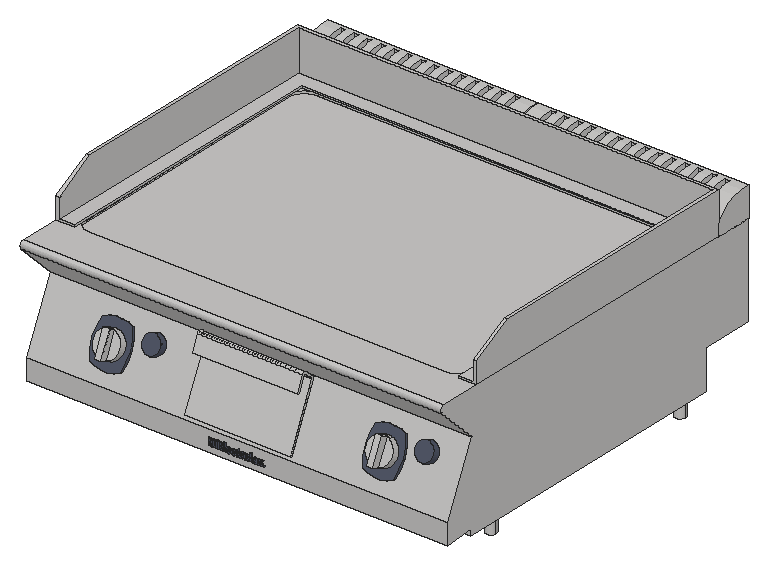
Revit family "QF_ELECTROLUXPROFESSIONAL_371038_E7FTGHCS00", category Specialty Equipment, Revit 2018
Family settings
  Round Connector Dimension = Use Diameter
  Part Type = Normal
  Work Plane-Based = No
  Always vertical = Yes
  Cut with Voids When Loaded = No
  Shared = No
  Room Calculation Point = No
Parameters
  Width = 800.1 mm  # constant formula
  Weight in Pounds = 154  # constant formula
  Watts = 0 W
  URL Cutsheet = "www.electrolux.com/foodservice"
  URL = "www.electrolux.com/foodservice"
  Type Mark [instance] = ""
  Status [instance] = ""
  Specification by User [instance] = ""
  Specification by Manufacturer = ""
  Show Logo [instance] = yes
  Show Clearance [instance] = yes
  Serial Number = ""
  Seismic Rating = ""
  SMACNA No = ""
  Revision Code [instance] = ""
  Omniclass Number and Title = ""
  NAFEM Spec ID Number = ""
  Model = "371038"
  Mechanical Remarks = ""
  Mechanical Connection Type = ""
  Masterspec = ""
  Manufacturer = "ELECTROLUX"
  Item Number [instance] = ""
  Installed By [instance] = ""
  Identify Quantity as Lot [instance] = yes
  Height = 355 mm  # constant formula
  HP = "0 HP"
  Gas Size = 12.7 mm  # 1/2"
  Gas RI Height [instance] = 0 mm
  Gas KW = 14  # constant formula
  Gas Input [instance] = 13987.1 VA  # 47726.0 Btu/h
  Gas Connection Height = 0 mm
  Furnished By [instance] = ""
  Foodservice Equipment Identifier [instance] = yes
  Direct Waste Size = 0"
  Description = "700XP Full Module Gas Fry Top, Smotth Plate, Chromium Plated"
  Depth = 730.25 mm  # constant formula
  CSI MasterFormat = ""
  CSI Master Format = ""
  Base Height [instance] = 23.813 mm  # constant formula
  Assembly Code = ""
Reference planes
  plane 1 "BACK": y = 0
  plane 2: z = 0
  plane 3 "LEFT": x = 0
  plane 4 "RIGHT": x = 800.1
  plane 5 "FRONT": y = -730.25
  plane 6 "TOP": z = 288.925
  plane 7 "Center Y": x = 400.05
  plane 8 "Center X": y = -365.125
  plane 9 "BASE": z = 23.813
  plane 10 "TOP A": z = 274.638
  plane 11: y = -597.884
  plane 12: y = -147.637
  plane 13: z = 355
Forms (mm)
  Extrusion 1, solid, material "QF_Finishes_Stainless Steel"
    sketch origin (0, 0, 0) x (0, 1, 0) y (0, 0, 1)
      loop
        line (0, 274.638) -> (-722.901, 274.638)
        arc (-722.901, 274.638) -> (-729.677, 270.11) -> (-728.087, 262.117) r 7.334
        line (-728.087, 262.117) -> (-657.416, 191.447) -> (-713.772, 69.003) -> (-713.772, 30.903) -> (-660.4, 36.513) -> (-660.4, 23.812) -> (-101.6, 23.812) -> (-101.6, 98.425) -> (0, 98.425) -> (0, 274.638)
    from 0 to 800.1
  Extrusion 2, void
    sketch origin (0, -2.381, 274.638) x (-1, 0, 0) y (0, -1, 0)
      loop
        arc (-60.425, 102.504) -> (-42.464, 109.943) -> (-35.025, 127.904) r 25.4
        line (-35.025, 127.904) -> (-35.025, 617.104)
        arc (-35.025, 617.104) -> (-42.464, 635.064) -> (-60.425, 642.504) r 25.4
        line (-60.425, 642.504) -> (-739.675, 642.504)
        arc (-739.675, 642.504) -> (-757.636, 635.064) -> (-765.075, 617.104) r 25.4
        line (-765.075, 617.104) -> (-765.075, 127.904)
        arc (-765.075, 127.904) -> (-757.636, 109.943) -> (-739.675, 102.504) r 25.4
        line (-739.675, 102.504) -> (-60.425, 102.504)
    from 0 to -3.2
  Extrusion 3, solid, material "QF_Finishes_Stainless Steel"
    sketch origin (0, 0, 0) x (1, 0, 0) y (0, 1, 0)
      loop
        circle (11.112, -147.638) r 9.525
      loop
        circle (11.112, -597.884) r 9.525
      loop
        circle (788.987, -147.638) r 9.525
      loop
        circle (788.987, -597.884) r 9.525
    from 0 to 23.813
  Extrusion 4, solid, material "QF_Finishes_Stainless Steel"
    sketch origin (0, -101.6, 101.6) x (0, 0, -1) y (-1, 0, 0)
      loop
        circle (43.882, -749.3) r 6.35
    from 0 to 3.175
  Extrusion 5, solid, material "QF_Finishes_Clearance", visible <- "Show Clearance", detail levels coarse
    sketch origin (0, 0, 0) x (1, 0, 0) y (0, 1, 0)
      loop
        line (0, -730.25) -> (0, 0) -> (800.1, 0) -> (800.1, -730.25) -> (950.119, -730.25) -> (950.119, 150.019) -> (-150.019, 150.019) -> (-150.019, -730.25) -> (0, -730.25)
    from 0 to 355
  Sweep 6, solid, material "QF_Finishes_Stainless Steel"
    path origin (0, -2.381, 274.638) x (-1, 0, 0) y (0, -1, 0)
      loop
        line (-765.075, 642.504) -> (-765.075, 102.504) -> (-35.025, 102.504) -> (-35.025, 642.504)
    profile origin (35.025, -374.885, 274.638) x (1, 0, 0) y (0, 0, 1)
      loop
        line (-35.025, 0) -> (0, 0) -> (0, 3.175) -> (-28.675, 3.175) -> (-28.675, 80.363) -> (-35.025, 80.362) -> (-35.025, 0)
  Extrusion 7, void
    sketch origin (0, -69.86, 274.638) x (0, 1, 0) y (0, 0, 1)
      loop
        line (-575.025, 40.481) -> (-501.995, 80.363) -> (-575.025, 80.363) -> (-575.025, 40.481)
    from 0 to 6.35
  Extrusion 8, void
    sketch origin (800.1, -644.885, 274.638) x (0, -1, 0) y (0, 0, 1)
      loop
        line (0, 40.481) -> (0, 80.362) -> (-73.03, 80.362) -> (0, 40.481)
    from 0 to 6.35
  Extrusion 9, solid, material "QF_Finishes_Stainless Steel"
    sketch origin (400.05, 175.397, 1219.2) x (0, 1, 0) y (0, 0, 1)
      loop
        line (-834.228, -1030.828) -> (-850.635, -1014.422)
        arc (-850.635, -1014.422) -> (-855.102, -1013.019) -> (-858.806, -1015.884) r 5.058
        line (-858.806, -1015.884) -> (-871.468, -1043.394) -> (-868.584, -1044.721) -> (-855.922, -1017.211)
        arc (-855.922, -1017.211) -> (-854.543, -1016.145) -> (-852.88, -1016.667) r 1.883
        line (-852.88, -1016.667) -> (-838.037, -1031.51) -> (-888.871, -1141.955) -> (-885.987, -1143.282) -> (-834.228, -1030.828)
    from 100 to -100
  Extrusion 10, solid, material "QF_Finishes_Drawer Clearance", visible <- "Show Clearance", detail levels coarse
    sketch origin (293.7, -101.6, 0) x (0, 1, 0) y (0, 0, 1)
      loop
        line (-660.751, 174.479) -> (-648.089, 201.989)
        arc (-648.089, 201.989) -> (-646.71, 203.055) -> (-645.046, 202.533) r 1.883
        line (-645.046, 202.533) -> (-630.204, 187.69) -> (-681.037, 77.245) -> (-678.153, 75.918) -> (-608.989, 75.918) -> (-557.231, 188.372) -> (-573.638, 204.778)
        arc (-573.638, 204.778) -> (-574.873, 205.685) -> (-576.323, 206.181) r 5.058
        line (-576.323, 206.181) -> (-647.269, 206.181)
        arc (-647.269, 206.181) -> (-649.472, 205.203) -> (-650.973, 203.316) r 5.058
        line (-650.973, 203.316) -> (-663.635, 175.806) -> (-660.751, 174.479)
    from 6.35 to 206.35
  Extrusion 11, solid, material "QF_Finishes_Navy Blue"
    sketch origin (-399.27, -713.772, 69.003) x (0, 0.418102, 0.9084) y (-1, 0, 0)
      loop
        arc (102.623, -510.47) -> (67.041, -502.846) -> (31.333, -509.853) r 90.5
        arc (31.333, -509.853) -> (24.507, -539.04) -> (31.333, -568.228) r 65.817
        arc (31.333, -568.228) -> (67.04, -575.188) -> (102.623, -567.615) r 91.066
        arc (102.623, -567.615) -> (109.179, -539.043) -> (102.623, -510.47) r 65.546
    from 0 to 3.175
  Extrusion 12, solid, material "QF_Finishes_Stainless Steel"
    sketch origin (-20.52, -717.485, 68.529) x (0, 0.418102, 0.9084) y (-1, 0, 0)
      loop
        circle (68.826, -160.963) r 25.4
    from 0 to 12.7
  Extrusion 13, solid, material "QF_Finishes_Stainless Steel"
    sketch origin (-20.52, -729.022, 73.839) x (0, 0.418102, 0.9084) y (-1, 0, 0)
      loop
        arc (93.558, -166.749) -> (94.226, -160.963) -> (93.558, -155.177) r 25.4
        line (93.558, -155.177) -> (44.094, -155.177)
        arc (44.094, -155.177) -> (43.426, -160.963) -> (44.094, -166.749) r 25.4
        line (44.094, -166.749) -> (93.558, -166.749)
    from 0 to 12.7
  Extrusion 14, solid, material "QF_Finishes_Navy Blue"
    sketch origin (97.744, -713.772, 69.003) x (0, 0.418102, 0.9084) y (-1, 0, 0)
      loop
        arc (102.623, -532.67) -> (67.041, -525.046) -> (31.333, -532.053) r 90.5
        arc (31.333, -532.053) -> (24.507, -561.24) -> (31.333, -590.428) r 65.817
        arc (31.333, -590.428) -> (67.04, -597.388) -> (102.623, -589.815) r 91.066
        arc (102.623, -589.815) -> (109.179, -561.243) -> (102.623, -532.67) r 65.546
    from 0 to 3.175
  Extrusion 15, solid, material "QF_Finishes_Stainless Steel"
    sketch origin (497.744, -717.485, 68.529) x (0, 0.418102, 0.9084) y (-1, 0, 0)
      loop
        circle (68.826, -160.963) r 25.4
    from 0 to 12.7
  Extrusion 16, solid, material "QF_Finishes_Stainless Steel"
    sketch origin (497.744, -729.022, 73.839) x (0, 0.418102, 0.9084) y (-1, 0, 0)
      loop
        arc (93.558, -166.749) -> (94.226, -160.963) -> (93.558, -155.177) r 25.4
        line (93.558, -155.177) -> (44.094, -155.177)
        arc (44.094, -155.177) -> (43.426, -160.963) -> (44.094, -166.749) r 25.4
        line (44.094, -166.749) -> (93.558, -166.749)
    from 0 to 12.7
  Extrusion 17, solid, material "QF_Finishes_Navy Blue"
    sketch origin (-100, -703.319, 91.713) x (0, 0.418102, 0.9084) y (-1, 0, 0)
      loop
        circle (65.471, -315.169) r 17.78
    from 0 to 12.7
  Extrusion 18, solid, material "QF_Finishes_Navy Blue"
    sketch origin (397.014, -703.319, 91.713) x (0, 0.418102, 0.9084) y (-1, 0, 0)
      loop
        circle (65.471, -337.369) r 17.78
    from 0 to 12.7
  Extrusion 19, solid, material "QF_Finishes_Navy Blue", visible <- "Show Logo"
    sketch origin (58.349, -713.772, 35.665) x (0, 0, 1) y (-1, 0, 0)
      loop
        line (20.674, -296.698) -> (8.307, -296.698)
        arc (8.307, -296.698) -> (14.491, -301.27) -> (20.674, -296.698) r 6.467
      loop
        arc (20.674, -296.069) -> (19.505, -290.926) -> (14.849, -288.448) r 6.338
        line (14.849, -288.448) -> (14.849, -290.494)
        arc (14.849, -290.494) -> (16.333, -294.149) -> (19.778, -296.069) r 5.941
        line (19.778, -296.069) -> (20.674, -296.069)
      loop
        arc (9.203, -296.069) -> (12.648, -294.149) -> (14.132, -290.494) r 5.941
        line (14.132, -290.494) -> (14.132, -288.448)
        arc (14.132, -288.448) -> (9.438, -290.922) -> (8.148, -296.069) r 6.504
        line (8.148, -296.069) -> (9.203, -296.069)
      loop
        line (21.349, -287.979) -> (7.604, -287.979) -> (7.604, -301.742) -> (21.349, -301.742) -> (21.349, -287.979)
      loop
        arc (21.432, -304.71) -> (21.085, -304.352) -> (20.718, -304.69) r 0.358
        arc (20.718, -304.69) -> (20.404, -305.44) -> (19.687, -305.825) r 1.216
        line (19.687, -305.825) -> (9.274, -305.825)
        arc (9.274, -305.825) -> (8.614, -305.548) -> (8.218, -304.951) r 1.238
        arc (8.218, -304.951) -> (7.823, -304.7) -> (7.518, -305.054) r 0.358
        line (7.518, -305.054) -> (7.518, -314.933) -> (10.269, -314.933) -> (10.269, -314.036)
        arc (10.269, -314.036) -> (9.36, -313.456) -> (8.904, -312.479) r 1.928
        line (8.904, -312.479) -> (8.904, -309.98)
        arc (8.904, -309.98) -> (9.18, -309.251) -> (9.868, -308.887) r 1.101
        line (9.868, -308.887) -> (13.955, -308.887) -> (13.955, -312.561)
        arc (13.955, -312.561) -> (13.602, -313.058) -> (13.037, -313.286) r 1.083
        arc (13.037, -313.286) -> (12.773, -313.591) -> (13.065, -313.869) r 0.292
        line (13.065, -313.869) -> (16.028, -313.869)
        arc (16.028, -313.869) -> (16.33, -313.596) -> (16.092, -313.266) r 0.305
        arc (16.092, -313.266) -> (15.601, -313.018) -> (15.296, -312.561) r 1.083
        line (15.296, -312.561) -> (15.296, -308.887) -> (19.973, -308.887) -> (19.973, -312.635)
        arc (19.973, -312.635) -> (19.759, -313.39) -> (19.153, -313.888) r 1.314
        arc (19.153, -313.888) -> (18.934, -314.292) -> (19.288, -314.585) r 0.361
        line (19.288, -314.585) -> (21.432, -314.585) -> (21.432, -304.71)
      loop
        arc (20.715, -315.365) -> (20.335, -316.284) -> (19.416, -316.664) r 1.299
        line (19.416, -316.664) -> (9.837, -316.664)
        arc (9.837, -316.664) -> (8.999, -316.286) -> (8.728, -315.408) r 1.118
        line (8.728, -315.408) -> (7.518, -315.408) -> (7.518, -320.758) -> (8.706, -320.758)
        arc (8.706, -320.758) -> (8.978, -319.841) -> (9.848, -319.445) r 1.153
        line (9.848, -319.445) -> (21.92, -319.445) -> (20.715, -315.365)
      loop
        line (12.483, -323.394) -> (12.483, -329.842) -> (13.282, -329.842)
        arc (13.282, -329.842) -> (15.862, -328.857) -> (17.131, -326.404) r 3.874
        line (17.131, -326.404) -> (17.131, -324.643)
        arc (17.131, -324.643) -> (15.944, -321.778) -> (13.08, -320.592) r 4.051
        line (13.08, -320.592) -> (11.072, -320.592)
        arc (11.072, -320.592) -> (8.253, -322.077) -> (7.202, -325.084) r 4.352
        arc (7.202, -325.084) -> (7.566, -327.547) -> (8.943, -329.621) r 5.713
        line (8.943, -329.621) -> (9.892, -329.621)
        arc (9.892, -329.621) -> (9.16, -328.052) -> (8.943, -326.334) r 5.579
        arc (8.943, -326.334) -> (9.737, -324.371) -> (11.616, -323.394) r 3.057
        line (11.616, -323.394) -> (12.483, -323.394)
      loop
        line (13.742, -323.394) -> (13.742, -326.977)
        arc (13.742, -326.977) -> (15.199, -327.024) -> (16.082, -325.864) r 1.59
        line (16.082, -325.864) -> (16.082, -325.034)
        arc (16.082, -325.034) -> (15.217, -323.779) -> (13.742, -323.394) r 2.184
      loop
        arc (16.533, -339.259) -> (17.022, -337.585) -> (17.179, -335.848) r 9.023
        line (17.179, -335.848) -> (17.179, -334.486)
        arc (17.179, -334.486) -> (16.02, -331.686) -> (13.22, -330.527) r 3.959
        line (13.22, -330.527) -> (10.62, -330.527)
        arc (10.62, -330.527) -> (8.338, -331.819) -> (7.221, -334.192) r 4.331
        line (7.221, -334.192) -> (7.221, -336.327)
        arc (7.221, -336.327) -> (7.729, -337.877) -> (8.651, -339.223) r 5.772
        arc (8.651, -339.223) -> (9.412, -339.274) -> (9.499, -338.515) r 0.553
        arc (9.499, -338.515) -> (9.111, -337.781) -> (8.977, -336.962) r 2.573
        line (8.977, -336.962) -> (8.977, -335.447)
        arc (8.977, -335.447) -> (9.983, -333.806) -> (11.798, -333.163) r 2.884
        line (11.798, -333.163) -> (13.077, -333.163)
        arc (13.077, -333.163) -> (14.898, -333.723) -> (15.824, -335.388) r 2.554
        line (15.824, -335.388) -> (15.824, -336.441)
        arc (15.824, -336.441) -> (15.493, -337.369) -> (14.836, -338.104) r 2.564
        arc (14.836, -338.104) -> (14.614, -338.821) -> (15.223, -339.259) r 0.643
        line (15.223, -339.259) -> (16.533, -339.259)
      loop
        line (15.515, -339.53) -> (15.515, -341.031) -> (9.467, -341.031)
        arc (9.467, -341.031) -> (7.879, -341.688) -> (7.221, -343.276) r 2.246
        line (7.221, -343.276) -> (7.221, -344.86)
        arc (7.221, -344.86) -> (7.535, -345.725) -> (8.035, -346.496) r 4.06
        arc (8.035, -346.496) -> (8.768, -346.629) -> (9.019, -345.928) r 0.576
        arc (9.019, -345.928) -> (8.913, -345.403) -> (8.977, -344.87) r 1.69
        arc (8.977, -344.87) -> (9.519, -344.082) -> (10.425, -343.779) r 1.506
        line (10.425, -343.779) -> (15.563, -343.779) -> (15.563, -346.176) -> (16.119, -346.733) -> (16.941, -346.733) -> (16.941, -343.873) -> (20.172, -343.873) -> (15.515, -339.53)
      loop
        line (7.438, -347.63) -> (7.438, -353.017) -> (8.548, -353.017)
        arc (8.548, -353.017) -> (8.942, -352.066) -> (9.893, -351.672) r 1.345
        line (9.893, -351.672) -> (13.509, -351.672)
        arc (13.509, -351.672) -> (14.274, -352.264) -> (14.564, -353.186) r 1.615
        line (14.564, -353.186) -> (14.564, -354.742) -> (17.119, -355.427) -> (17.119, -354.044) -> (15.177, -351.485) -> (17.057, -351.485) -> (16.773, -348.779)
        arc (16.773, -348.779) -> (16.333, -348.249) -> (15.674, -348.45) r 0.621
        arc (15.674, -348.45) -> (15.274, -348.792) -> (14.78, -348.975) r 1.501
        line (14.78, -348.975) -> (9.893, -348.975)
        arc (9.893, -348.975) -> (8.942, -348.581) -> (8.548, -347.63) r 1.345
        line (8.548, -347.63) -> (7.438, -347.63)
      loop
        line (13.54, -354.964) -> (10.848, -354.964)
        arc (10.848, -354.964) -> (8.403, -356.272) -> (7.269, -358.803) r 4.288
        arc (7.269, -358.803) -> (7.205, -360.183) -> (7.269, -361.563) r 15.022
        arc (7.269, -361.563) -> (8.403, -364.094) -> (10.848, -365.401) r 4.288
        line (10.848, -365.401) -> (13.54, -365.401)
        arc (13.54, -365.401) -> (15.986, -364.094) -> (17.119, -361.563) r 4.288
        arc (17.119, -361.563) -> (17.183, -360.183) -> (17.119, -358.803) r 15.022
        arc (17.119, -358.803) -> (15.986, -356.272) -> (13.54, -354.964) r 4.288
      loop
        line (13.745, -358.078) -> (10.643, -358.078)
        arc (10.643, -358.078) -> (8.486, -360.235) -> (10.643, -362.392) r 2.157
        line (10.643, -362.392) -> (13.745, -362.392)
        arc (13.745, -362.392) -> (15.902, -360.235) -> (13.745, -358.078) r 2.157
      loop
        arc (20.726, -365.26) -> (20.355, -366.154) -> (19.461, -366.524) r 1.264
        line (19.461, -366.524) -> (9.597, -366.524)
        arc (9.597, -366.524) -> (8.727, -366.127) -> (8.455, -365.211) r 1.153
        line (8.455, -365.211) -> (7.518, -365.211) -> (7.518, -370.319) -> (8.446, -370.319)
        arc (8.446, -370.319) -> (8.805, -369.547) -> (9.597, -369.232) r 1.153
        line (9.597, -369.232) -> (21.92, -369.232) -> (20.726, -365.26)
      loop
        arc (15.846, -369.857) -> (15.647, -370.921) -> (14.678, -371.403) r 1.215
        line (14.678, -371.403) -> (9.658, -371.403)
        arc (9.658, -371.403) -> (8.043, -372.051) -> (7.322, -373.634) r 2.338
        line (7.322, -373.634) -> (7.322, -375.148)
        arc (7.322, -375.148) -> (7.497, -376.152) -> (7.999, -377.038) r 2.979
        line (7.999, -377.038) -> (7.518, -378.835) -> (7.518, -380.524) -> (16.943, -380.524) -> (16.649, -376.32) -> (15.863, -376.32)
        arc (15.863, -376.32) -> (15.507, -377.156) -> (14.755, -377.665) r 1.605
        line (14.755, -377.665) -> (9.652, -377.665)
        arc (9.652, -377.665) -> (9.232, -376.728) -> (9.159, -375.704) r 2.94
        arc (9.159, -375.704) -> (9.72, -374.603) -> (10.873, -374.16) r 1.724
        line (10.873, -374.16) -> (17.07, -374.16) -> (15.846, -369.857)
      loop
        line (16.874, -381.377) -> (15.202, -383.423) -> (12.028, -385.729) -> (8.572, -382.617)
        arc (8.572, -382.617) -> (8.335, -382.223) -> (8.357, -381.764) r 0.789
        line (8.357, -381.764) -> (7.518, -381.764) -> (7.518, -385.309) -> (8.344, -385.309)
        arc (8.344, -385.309) -> (8.686, -384.947) -> (9.176, -385.039) r 0.52
        line (9.176, -385.039) -> (10.976, -386.51) -> (8.858, -387.886)
        arc (8.858, -387.886) -> (8.457, -387.576) -> (8.37, -387.076) r 0.7
        line (8.37, -387.076) -> (7.518, -387.076) -> (7.518, -393.003) -> (8.405, -393.003)
        arc (8.405, -393.003) -> (8.472, -392.344) -> (8.866, -391.813) r 1.247
        line (8.866, -391.813) -> (13.066, -388.532) -> (15.513, -390.585) -> (16.874, -392.327) -> (16.874, -388.604) -> (15.389, -389.026) -> (13.868, -387.749) -> (15.568, -386.559) -> (16.874, -387.336) -> (16.874, -381.377)
    from 0 to 1.644
  Extrusion 20, solid, material "QF_Finishes_Stainless Steel"
    sketch origin (0, 0, 0) x (0, 1, 0) y (0, 0, 1)
      loop
        line (0, 274.638) -> (0, 331.738)
        arc (0, 331.738) -> (-38.857, 324.552) -> (-69.85, 300.038) r 82.056
        line (-69.85, 300.038) -> (-69.85, 274.638) -> (0, 274.638)
    from 0 to 400.05
  Extrusion 21, void
    sketch origin (0, 0, 274.638) x (0, -1, 0) y (1, 0, 0)
      loop
        line (6.761, 29.703) -> (63.911, 29.703) -> (63.911, 38.999) -> (6.761, 38.999) -> (6.761, 29.703)
      loop
        line (63.911, 64.487) -> (6.761, 64.487) -> (6.761, 55.191) -> (63.911, 55.191) -> (63.911, 64.487)
      loop
        line (63.911, 89.975) -> (6.761, 89.975) -> (6.761, 80.68) -> (63.911, 80.68) -> (63.911, 89.975)
      loop
        line (63.911, 115.464) -> (6.761, 115.464) -> (6.761, 106.168) -> (63.911, 106.168) -> (63.911, 115.464)
      loop
        line (63.911, 140.952) -> (6.761, 140.952) -> (6.761, 131.656) -> (63.911, 131.656) -> (63.911, 140.952)
      loop
        line (63.911, 166.44) -> (6.761, 166.44) -> (6.761, 157.145) -> (63.911, 157.145) -> (63.911, 166.44)
      loop
        line (63.911, 191.929) -> (6.761, 191.929) -> (6.761, 182.633) -> (63.911, 182.633) -> (63.911, 191.929)
      loop
        line (63.911, 217.417) -> (6.761, 217.417) -> (6.761, 208.121) -> (63.911, 208.121) -> (63.911, 217.417)
      loop
        line (63.911, 242.905) -> (6.761, 242.905) -> (6.761, 233.61) -> (63.911, 233.61) -> (63.911, 242.905)
      loop
        line (63.911, 268.394) -> (6.761, 268.394) -> (6.761, 259.098) -> (63.911, 259.098) -> (63.911, 268.394)
      loop
        line (63.911, 293.882) -> (6.761, 293.882) -> (6.761, 284.586) -> (63.911, 284.586) -> (63.911, 293.882)
      loop
        line (63.911, 319.37) -> (6.761, 319.37) -> (6.761, 310.075) -> (63.911, 310.075) -> (63.911, 319.37)
      loop
        line (63.911, 344.859) -> (6.761, 344.859) -> (6.761, 335.563) -> (63.911, 335.563) -> (63.911, 344.859)
      loop
        line (63.911, 370.347) -> (6.761, 370.347) -> (6.761, 361.051) -> (63.911, 361.051) -> (63.911, 370.347)
    from 25.4 to 63.5
  Extrusion 22, solid, material "QF_Finishes_Stainless Steel"
    sketch origin (400.05, 0, 0) x (0, 1, 0) y (0, 0, 1)
      loop
        line (0, 274.638) -> (0, 331.738)
        arc (0, 331.738) -> (-38.857, 324.552) -> (-69.85, 300.038) r 82.056
        line (-69.85, 300.038) -> (-69.85, 274.638) -> (0, 274.638)
    from 0 to 400.05
  Extrusion 23, void
    sketch origin (400.05, 0, 274.638) x (0, -1, 0) y (1, 0, 0)
      loop
        line (6.761, 29.703) -> (63.911, 29.703) -> (63.911, 38.999) -> (6.761, 38.999) -> (6.761, 29.703)
      loop
        line (63.911, 64.487) -> (6.761, 64.487) -> (6.761, 55.191) -> (63.911, 55.191) -> (63.911, 64.487)
      loop
        line (63.911, 89.975) -> (6.761, 89.975) -> (6.761, 80.68) -> (63.911, 80.68) -> (63.911, 89.975)
      loop
        line (63.911, 115.464) -> (6.761, 115.464) -> (6.761, 106.168) -> (63.911, 106.168) -> (63.911, 115.464)
      loop
        line (63.911, 140.952) -> (6.761, 140.952) -> (6.761, 131.656) -> (63.911, 131.656) -> (63.911, 140.952)
      loop
        line (63.911, 166.44) -> (6.761, 166.44) -> (6.761, 157.145) -> (63.911, 157.145) -> (63.911, 166.44)
      loop
        line (63.911, 191.929) -> (6.761, 191.929) -> (6.761, 182.633) -> (63.911, 182.633) -> (63.911, 191.929)
      loop
        line (63.911, 217.417) -> (6.761, 217.417) -> (6.761, 208.121) -> (63.911, 208.121) -> (63.911, 217.417)
      loop
        line (63.911, 242.905) -> (6.761, 242.905) -> (6.761, 233.61) -> (63.911, 233.61) -> (63.911, 242.905)
      loop
        line (63.911, 268.394) -> (6.761, 268.394) -> (6.761, 259.098) -> (63.911, 259.098) -> (63.911, 268.394)
      loop
        line (63.911, 293.882) -> (6.761, 293.882) -> (6.761, 284.586) -> (63.911, 284.586) -> (63.911, 293.882)
      loop
        line (63.911, 319.37) -> (6.761, 319.37) -> (6.761, 310.075) -> (63.911, 310.075) -> (63.911, 319.37)
      loop
        line (63.911, 344.859) -> (6.761, 344.859) -> (6.761, 335.563) -> (63.911, 335.563) -> (63.911, 344.859)
      loop
        line (63.911, 370.347) -> (6.761, 370.347) -> (6.761, 361.051) -> (63.911, 361.051) -> (63.911, 370.347)
    from 25.4 to 63.5
Cuts and joins
  Extrusion 2 cuts Extrusion 1
  Extrusion 7, Extrusion 8 cuts Sweep 6
  Extrusion 21 cuts Extrusion 20
  Extrusion 23 cuts Extrusion 22
Lines and regions (mm)
  symbolic lines, style "QF-Clearances", visible <- "Show Clearance", detail levels coarse
    curve 1: line (-150.019, 150.019, 274.638) -> (-150.019, -730.25, 274.638)
    curve 2: line (950.119, 150.019, 274.638) -> (-150.019, 150.019, 274.638)
    curve 3: line (950.119, -730.25, 274.638) -> (950.119, 150.019, 274.638)
  symbolic lines
    curve 4: line (0, -730.25, 274.638) -> (0, 0, 274.638)
    curve 5: line (800.1, 0, 274.638) -> (800.1, -730.25, 274.638)
    curve 6: line (35.042, -104.885, 274.638) -> (35.042, -644.885, 274.638)
    curve 7: arc (35.042, -619.427, 274.638) -> (42.472, -637.366, 274.638) -> (60.411, -644.796, 274.638) r 25.37
    curve 8: line (0, -644.885, 274.638) -> (35.042, -644.885, 274.638)
    curve 9: arc (739.117, -644.796, 274.638) -> (757.472, -637.193, 274.638) -> (765.075, -618.839, 274.638) r 25.958
    curve 10: line (765.075, -644.885, 274.638) -> (765.075, -104.885, 274.638)
    curve 11: line (765.075, -104.885, 274.638) -> (35.042, -104.885, 274.638)
    curve 12: line (0, -69.85, 274.638) -> (800.1, -69.85, 274.638)
    curve 13: line (800.1, -730.25, 274.638) -> (0, -730.25, 274.638)
    curve 14: arc (64.136, -104.885, 274.638) -> (43.563, -113.406, 274.638) -> (35.042, -133.979, 274.638) r 29.094
    curve 15: arc (739.672, -104.885, 274.638) -> (757.635, -112.325, 274.638) -> (765.075, -130.288, 274.638) r 25.403
    curve 16: line (6.35, -76.21, 274.638) -> (6.35, -644.885, 274.638)
    curve 17: line (6.35, -76.21, 274.638) -> (793.75, -76.21, 274.638)
    curve 18: line (793.75, -76.21, 274.638) -> (793.75, -644.885, 274.638)
    curve 19: line (765.075, -644.885, 274.638) -> (800.1, -644.885, 274.638)
    curve 20: line (60.411, -644.796, 274.638) -> (739.117, -644.796, 274.638)
    curve 24: line (0, 0, 274.638) -> (800.1, 0, 274.638)
    curve 25: line (0, -69.85, 274.638) -> (800.1, -69.85, 274.638)
    curve 26: line (0, 0, 274.638) -> (800.1, 0, 274.638)
    curve 27: line (29.703, -6.761, 0) -> (38.999, -6.761, 0)
    curve 28: line (29.703, -63.911, 0) -> (29.703, -6.761, 0)
    curve 29: line (38.999, -63.911, 0) -> (29.703, -63.911, 0)
    curve 30: line (38.999, -6.761, 0) -> (38.999, -63.911, 0)
    curve 31: line (55.191, -6.761, 0) -> (64.487, -6.761, 0)
    curve 32: line (55.191, -63.911, 0) -> (55.191, -6.761, 0)
    curve 33: line (64.487, -63.911, 0) -> (55.191, -63.911, 0)
    curve 34: line (64.487, -6.761, 0) -> (64.487, -63.911, 0)
    curve 35: line (80.68, -6.761, 0) -> (89.975, -6.761, 0)
    curve 36: line (80.68, -63.911, 0) -> (80.68, -6.761, 0)
    curve 37: line (89.975, -63.911, 0) -> (80.68, -63.911, 0)
    curve 38: line (89.975, -6.761, 0) -> (89.975, -63.911, 0)
    curve 39: line (106.168, -6.761, 0) -> (115.464, -6.761, 0)
    curve 40: line (106.168, -63.911, 0) -> (106.168, -6.761, 0)
    curve 41: line (115.464, -63.911, 0) -> (106.168, -63.911, 0)
    curve 42: line (115.464, -6.761, 0) -> (115.464, -63.911, 0)
    curve 43: line (131.656, -6.761, 0) -> (140.952, -6.761, 0)
    curve 44: line (131.656, -63.911, 0) -> (131.656, -6.761, 0)
    curve 45: line (140.952, -63.911, 0) -> (131.656, -63.911, 0)
    curve 46: line (140.952, -6.761, 0) -> (140.952, -63.911, 0)
    curve 47: line (157.145, -6.761, 0) -> (166.44, -6.761, 0)
    curve 48: line (157.145, -63.911, 0) -> (157.145, -6.761, 0)
    curve 49: line (166.44, -63.911, 0) -> (157.145, -63.911, 0)
    curve 50: line (166.44, -6.761, 0) -> (166.44, -63.911, 0)
    curve 51: line (182.633, -6.761, 0) -> (191.929, -6.761, 0)
    curve 52: line (182.633, -63.911, 0) -> (182.633, -6.761, 0)
    curve 53: line (191.929, -63.911, 0) -> (182.633, -63.911, 0)
    curve 54: line (191.929, -6.761, 0) -> (191.929, -63.911, 0)
    curve 55: line (208.121, -6.761, 0) -> (217.417, -6.761, 0)
    curve 56: line (208.121, -63.911, 0) -> (208.121, -6.761, 0)
    curve 57: line (217.417, -63.911, 0) -> (208.121, -63.911, 0)
    curve 58: line (217.417, -6.761, 0) -> (217.417, -63.911, 0)
    curve 59: line (233.61, -6.761, 0) -> (242.905, -6.761, 0)
    curve 60: line (233.61, -63.911, 0) -> (233.61, -6.761, 0)
    curve 61: line (242.905, -63.911, 0) -> (233.61, -63.911, 0)
    curve 62: line (242.905, -6.761, 0) -> (242.905, -63.911, 0)
    curve 63: line (259.098, -6.761, 0) -> (268.394, -6.761, 0)
    curve 64: line (259.098, -63.911, 0) -> (259.098, -6.761, 0)
    curve 65: line (268.394, -63.911, 0) -> (259.098, -63.911, 0)
    curve 66: line (268.394, -6.761, 0) -> (268.394, -63.911, 0)
    curve 67: line (284.586, -6.761, 0) -> (293.882, -6.761, 0)
    curve 68: line (284.586, -63.911, 0) -> (284.586, -6.761, 0)
    curve 69: line (293.882, -63.911, 0) -> (284.586, -63.911, 0)
    curve 70: line (293.882, -6.761, 0) -> (293.882, -63.911, 0)
    curve 71: line (310.075, -6.761, 0) -> (319.37, -6.761, 0)
    curve 72: line (310.075, -63.911, 0) -> (310.075, -6.761, 0)
    curve 73: line (319.37, -63.911, 0) -> (310.075, -63.911, 0)
    curve 74: line (319.37, -6.761, 0) -> (319.37, -63.911, 0)
    curve 75: line (335.563, -6.761, 0) -> (344.859, -6.761, 0)
    curve 76: line (335.563, -63.911, 0) -> (335.563, -6.761, 0)
    curve 77: line (344.859, -63.911, 0) -> (335.563, -63.911, 0)
    curve 78: line (344.859, -6.761, 0) -> (344.859, -63.911, 0)
    curve 79: line (361.051, -6.761, 0) -> (370.347, -6.761, 0)
    curve 80: line (361.051, -63.911, 0) -> (361.051, -6.761, 0)
    curve 81: line (370.347, -63.911, 0) -> (361.051, -63.911, 0)
    curve 82: line (370.347, -6.761, 0) -> (370.347, -63.911, 0)
    curve 83: line (400.05, 0, 0) -> (400.05, -69.85, 0)
    curve 84: line (770.397, -6.761, 0) -> (761.101, -6.761, 0)
    curve 85: line (770.397, -63.911, 0) -> (770.397, -6.761, 0)
    curve 86: line (761.101, -63.911, 0) -> (770.397, -63.911, 0)
    curve 87: line (761.101, -6.761, 0) -> (761.101, -63.911, 0)
    curve 88: line (744.909, -6.761, 0) -> (735.613, -6.761, 0)
    curve 89: line (744.909, -63.911, 0) -> (744.909, -6.761, 0)
    curve 90: line (735.613, -63.911, 0) -> (744.909, -63.911, 0)
    curve 91: line (735.613, -6.761, 0) -> (735.613, -63.911, 0)
    curve 92: line (719.42, -6.761, 0) -> (710.125, -6.761, 0)
    curve 93: line (719.42, -63.911, 0) -> (719.42, -6.761, 0)
    curve 94: line (710.125, -63.911, 0) -> (719.42, -63.911, 0)
    curve 95: line (710.125, -6.761, 0) -> (710.125, -63.911, 0)
    curve 96: line (693.932, -6.761, 0) -> (684.636, -6.761, 0)
    curve 97: line (693.932, -63.911, 0) -> (693.932, -6.761, 0)
    curve 98: line (684.636, -63.911, 0) -> (693.932, -63.911, 0)
    curve 99: line (684.636, -6.761, 0) -> (684.636, -63.911, 0)
    curve 100: line (668.444, -6.761, 0) -> (659.148, -6.761, 0)
    curve 101: line (668.444, -63.911, 0) -> (668.444, -6.761, 0)
    curve 102: line (659.148, -63.911, 0) -> (668.444, -63.911, 0)
    curve 103: line (659.148, -6.761, 0) -> (659.148, -63.911, 0)
    curve 104: line (642.955, -6.761, 0) -> (633.66, -6.761, 0)
    curve 105: line (642.955, -63.911, 0) -> (642.955, -6.761, 0)
    curve 106: line (633.66, -63.911, 0) -> (642.955, -63.911, 0)
    curve 107: line (633.66, -6.761, 0) -> (633.66, -63.911, 0)
    curve 108: line (617.467, -6.761, 0) -> (608.171, -6.761, 0)
    curve 109: line (617.467, -63.911, 0) -> (617.467, -6.761, 0)
    curve 110: line (608.171, -63.911, 0) -> (617.467, -63.911, 0)
    curve 111: line (608.171, -6.761, 0) -> (608.171, -63.911, 0)
    curve 112: line (591.979, -6.761, 0) -> (582.683, -6.761, 0)
    curve 113: line (591.979, -63.911, 0) -> (591.979, -6.761, 0)
    curve 114: line (582.683, -63.911, 0) -> (591.979, -63.911, 0)
    curve 115: line (582.683, -6.761, 0) -> (582.683, -63.911, 0)
    curve 116: line (566.49, -6.761, 0) -> (557.195, -6.761, 0)
    curve 117: line (566.49, -63.911, 0) -> (566.49, -6.761, 0)
    curve 118: line (557.195, -63.911, 0) -> (566.49, -63.911, 0)
    curve 119: line (557.195, -6.761, 0) -> (557.195, -63.911, 0)
    curve 120: line (541.002, -6.761, 0) -> (531.706, -6.761, 0)
    curve 121: line (541.002, -63.911, 0) -> (541.002, -6.761, 0)
    curve 122: line (531.706, -63.911, 0) -> (541.002, -63.911, 0)
    curve 123: line (531.706, -6.761, 0) -> (531.706, -63.911, 0)
    curve 124: line (515.514, -6.761, 0) -> (506.218, -6.761, 0)
    curve 125: line (515.514, -63.911, 0) -> (515.514, -6.761, 0)
    curve 126: line (506.218, -63.911, 0) -> (515.514, -63.911, 0)
    curve 127: line (506.218, -6.761, 0) -> (506.218, -63.911, 0)
    curve 128: line (490.025, -6.761, 0) -> (480.73, -6.761, 0)
    curve 129: line (490.025, -63.911, 0) -> (490.025, -6.761, 0)
    curve 130: line (480.73, -63.911, 0) -> (490.025, -63.911, 0)
    curve 131: line (480.73, -6.761, 0) -> (480.73, -63.911, 0)
    curve 132: line (464.537, -6.761, 0) -> (455.241, -6.761, 0)
    curve 133: line (464.537, -63.911, 0) -> (464.537, -6.761, 0)
    curve 134: line (455.241, -63.911, 0) -> (464.537, -63.911, 0)
    curve 135: line (455.241, -6.761, 0) -> (455.241, -63.911, 0)
    curve 136: line (439.049, -6.761, 0) -> (429.753, -6.761, 0)
    curve 137: line (439.049, -63.911, 0) -> (439.049, -6.761, 0)
    curve 138: line (429.753, -63.911, 0) -> (439.049, -63.911, 0)
    curve 139: line (429.753, -6.761, 0) -> (429.753, -63.911, 0)
  symbolic lines, style "QF_Drawer Clearance"
    curve 21: line (300.05, -782.637, 0) -> (300.05, -730.25, 0)
    curve 22: line (300.05, -782.637, 0) -> (500.05, -782.637, 0)
    curve 23: line (500.05, -782.637, 0) -> (500.05, -730.25, 0)
Dimensions and locks
  equal spacing: plane 3 "LEFT", plane 7 "Center Y", plane 4 "RIGHT"
  "Width": plane 3 "LEFT" to plane 4 "RIGHT"
  equal spacing: plane 5 "FRONT", plane 8 "Center X", plane 1 "BACK"
  "Depth": plane 5 "FRONT" to plane 1 "BACK"
  plane 1 "BACK" to plane 5 "FRONT" = 730.25 mm
  "Base Height": plane 9 "BASE" to level
  locked: plane 10 "TOP A" to plane 9 "BASE" at 250.825
  plane 4 "RIGHT" to Extrusion 4 sketch curve = 50.8 mm
  Sweep 6 sketch curve to level = 355 mm
  plane 10 "TOP A" to plane 9 "BASE" = 250.825 mm
  plane 9 "BASE" to level = 23.813 mm
  plane 9 "BASE" to cut or joined group of Extrusion 1, Extrusion 2 = 74.612 mm
  "Height": plane 13 to level
  aligned and locked: level to plane 2
  aligned and locked: plane 4 "RIGHT" to Extrusion 1
  aligned and locked: Extrusion 3 to plane 9 "BASE"
  aligned: plane 6 "TOP" to Extrusion 5
Automatic sketch dimensions
  Extrusion 2 sketch curve to plane 4 "RIGHT" = 35.025 mm
  Extrusion 2 sketch curve to Extrusion 2 sketch curve = 25.4 mm  (x3)
  Extrusion 2 sketch curve to plane 12 = 17.353 mm
  plane 3 "LEFT" to Extrusion 2 sketch curve = 60.425 mm  (x2)
  plane 11 to Extrusion 2 sketch curve = 21.6 mm
  plane 11 to Extrusion 3 sketch curve = 0 mm  (x2)
  plane 12 to Extrusion 3 sketch curve = 0 mm  (x2)
  plane 3 "LEFT" to Extrusion 3 sketch curve = 11.112 mm  (x2)
  Extrusion 3 sketch curve to plane 4 "RIGHT" = 11.113 mm  (x2)
  Extrusion 1 to Extrusion 4 sketch curve = 33.906 mm
  plane 1 "BACK" to Extrusion 5 sketch curve = 0 mm
  Extrusion 5 sketch curve to plane 3 "LEFT" = 0 mm
  Extrusion 5 sketch curve to plane 4 "RIGHT" = 0 mm
  Extrusion 5 sketch curve to plane 3 "LEFT" = 150.019 mm
  plane 5 "FRONT" to Extrusion 5 sketch curve = 0 mm  (x2)
  plane 4 "RIGHT" to Extrusion 5 sketch curve = 150.019 mm
  Extrusion 5 sketch curve to plane 1 "BACK" = 150.019 mm
  curve 19 to plane 4 "RIGHT" = 0 mm
  curve 13 to plane 3 "LEFT" = 0 mm
  plane 1 "BACK" to curve 4 = 0 mm
  plane 4 "RIGHT" to curve 3 = 150.019 mm
  curve 18 to plane 4 "RIGHT" = 6.35 mm
  curve 18 to curve 19 = 28.675 mm
  curve 10 to curve 15 = 25.403 mm
  curve 10 to curve 20 = 25.958 mm
  curve 20 to curve 8 = 60.411 mm
  curve 14 to plane 12 = 13.658 mm
  curve 14 to curve 14 = 29.094 mm
  curve 16 to curve 8 = 6.35 mm
  plane 5 "FRONT" to curve 1 = 0 mm
  curve 1 to plane 3 "LEFT" = 150.019 mm
  curve 2 to plane 1 "BACK" = 150.019 mm
  curve 12 to curve 17 = 6.36 mm
  plane 11 to curve 9 = 20.954 mm
  curve 9 to curve 19 = 26.046 mm
  curve 7 to curve 16 = 25.458 mm
  curve 5 to plane 5 "FRONT" = 0 mm
  plane 5 "FRONT" to curve 3 = 0 mm
  Sweep 6 sketch curve to plane 4 "RIGHT" = 35.025 mm
  plane 3 "LEFT" to Sweep 6 sketch curve = 35.025 mm
  Sweep 6 sketch curve to plane 12 = 42.753 mm
  plane 11 to Sweep 6 sketch curve = 47 mm  (x2)
  Sweep 6 sketch curve to plane 10 "TOP A" = 0 mm
  profile plane to Sweep 6 sketch curve = 0 mm
  profile plane to Sweep 6 sketch curve = 28.675 mm
  Sweep 6 sketch curve to Sweep 6 sketch curve = 6.35 mm
  plane 10 "TOP A" to Sweep 6 sketch curve = 3.175 mm
  Extrusion 7 sketch curve to Sweep 6 = 0 mm  (x2)
  Extrusion 7 sketch curve to Sweep 6 = 73.03 mm
  Extrusion 7 sketch curve to Extrusion 7 sketch curve = 39.881 mm
  Sweep 6 to Extrusion 8 sketch curve = 0 mm
  Extrusion 8 sketch curve to Sweep 6 = 0 mm
  Extrusion 8 sketch curve to Sweep 6 = 73.03 mm
  Extrusion 8 sketch curve to Extrusion 8 sketch curve = 39.881 mm
  Extrusion 9 sketch curve to Extrusion 9 sketch curve = 0 mm  (x2)
  Extrusion 9 sketch curve to plane 5 "FRONT" = 16.776 mm
  Extrusion 9 sketch curve to Extrusion 9 sketch curve = 2.884 mm  (x3)
  Extrusion 9 sketch curve to plane 5 "FRONT" = 34.179 mm
  Extrusion 9 sketch curve to Extrusion 9 sketch curve = 12.662 mm
  Extrusion 9 sketch curve to Extrusion 9 sketch curve = 1.711 mm
  Extrusion 9 sketch curve to Extrusion 9 sketch curve = 1.332 mm
  Extrusion 9 sketch curve to Extrusion 9 sketch curve = 2.245 mm
  Extrusion 9 sketch curve to Extrusion 9 sketch curve = 14.843 mm
  Extrusion 9 sketch curve to Extrusion 9 sketch curve = 3.809 mm
  plane 9 "BASE" to Extrusion 9 sketch curve = 52.105 mm
  Extrusion 9 sketch curve to Extrusion 9 sketch curve = 1.327 mm  (x2)
  Extrusion 9 sketch curve to Extrusion 9 sketch curve = 13.211 mm
  Extrusion 9 sketch curve to Extrusion 9 sketch curve = 0.787 mm
  Extrusion 10 sketch curve to Extrusion 10 sketch curve = 0 mm  (x2)
  plane 5 "FRONT" to Extrusion 10 sketch curve = 52.387 mm
  Extrusion 10 sketch curve to Extrusion 10 sketch curve = 2.884 mm  (x3)
  plane 5 "FRONT" to Extrusion 10 sketch curve = 34.985 mm
  plane 5 "FRONT" to Extrusion 10 sketch curve = 22.323 mm
  Extrusion 10 sketch curve to Extrusion 10 sketch curve = 0.82 mm
  Extrusion 10 sketch curve to Extrusion 10 sketch curve = 1.711 mm
  Extrusion 10 sketch curve to Extrusion 10 sketch curve = 1.332 mm
  plane 5 "FRONT" to Extrusion 10 sketch curve = 1.554 mm
  Extrusion 10 sketch curve to plane 5 "FRONT" = 19.661 mm
  Extrusion 10 sketch curve to plane 5 "FRONT" = 51.436 mm
  Extrusion 10 sketch curve to Extrusion 10 sketch curve = 0.891 mm
  Extrusion 10 sketch curve to Extrusion 10 sketch curve = 2.686 mm
  Extrusion 10 sketch curve to Extrusion 10 sketch curve = 16.406 mm
  plane 9 "BASE" to Extrusion 10 sketch curve = 52.105 mm
  Extrusion 10 sketch curve to Extrusion 10 sketch curve = 1.327 mm  (x2)
  Extrusion 10 sketch curve to Extrusion 10 sketch curve = 13.211 mm
  Extrusion 10 sketch curve to Extrusion 10 sketch curve = 0.681 mm
  Extrusion 10 sketch curve to Extrusion 10 sketch curve = 0.787 mm
  Extrusion 10 sketch curve to Extrusion 10 sketch curve = 4.979 mm
  plane 3 "LEFT" to Extrusion 11 sketch curve = 110.583 mm
  Extrusion 11 sketch curve to Extrusion 11 sketch curve = 0 mm
  Extrusion 11 sketch curve to Extrusion 11 sketch curve = 12.3 mm  (x3)
  Extrusion 11 sketch curve to Extrusion 11 sketch curve = 34.925 mm  (x2)
  Extrusion 11 sketch curve to Extrusion 11 sketch curve = 46.691 mm
  Extrusion 11 sketch curve to Extrusion 11 sketch curve = 0.617 mm
  Extrusion 11 sketch curve to Extrusion 11 sketch curve = 28.57 mm
  Extrusion 11 sketch curve to Extrusion 11 sketch curve = 29.185 mm
  Extrusion 13 sketch curve to Extrusion 13 sketch curve = 24.732 mm
  Extrusion 13 sketch curve to Extrusion 13 sketch curve = 0 mm
  Extrusion 14 sketch curve to plane 4 "RIGHT" = 170.304 mm
  Extrusion 14 sketch curve to Extrusion 14 sketch curve = 0 mm
  Extrusion 14 sketch curve to Extrusion 14 sketch curve = 12.3 mm  (x3)
  Extrusion 14 sketch curve to Extrusion 14 sketch curve = 34.925 mm  (x2)
  Extrusion 14 sketch curve to Extrusion 14 sketch curve = 46.691 mm
  Extrusion 14 sketch curve to Extrusion 14 sketch curve = 0.617 mm
  Extrusion 14 sketch curve to Extrusion 14 sketch curve = 28.57 mm
  Extrusion 14 sketch curve to Extrusion 14 sketch curve = 29.185 mm
  Extrusion 16 sketch curve to Extrusion 16 sketch curve = 24.732 mm
  Extrusion 16 sketch curve to Extrusion 16 sketch curve = 0 mm
  Extrusion 1 to Extrusion 17 sketch curve = 44.319 mm
  Extrusion 1 to Extrusion 17 sketch curve = 215.169 mm
  Extrusion 1 to Extrusion 18 sketch curve = 44.319 mm
  Extrusion 1 to Extrusion 18 sketch curve = 65.717 mm
  Extrusion 1 sketch curve to plane 10 "TOP A" = 0 mm
  Extrusion 1 sketch curve to plane 9 "BASE" = 0 mm
  Extrusion 1 sketch curve to plane 1 "BACK" = 0 mm
  Extrusion 1 sketch curve to plane 12 = 46.038 mm
  plane 11 to Extrusion 1 sketch curve = 59.531 mm
  plane 9 "BASE" to Extrusion 1 sketch curve = 12.7 mm
  plane 11 to Extrusion 1 sketch curve = 62.516 mm
  Extrusion 1 sketch curve to plane 5 "FRONT" = 16.478 mm
  Extrusion 1 sketch curve to plane 5 "FRONT" = 7.349 mm
  Extrusion 1 sketch curve to plane 5 "FRONT" = 2.163 mm
  plane 9 "BASE" to Extrusion 1 sketch curve = 7.09 mm
  Extrusion 1 sketch curve to Extrusion 1 sketch curve = 38.1 mm
  plane 9 "BASE" to Extrusion 1 sketch curve = 74.612 mm
  Extrusion 1 sketch curve to plane 10 "TOP A" = 83.191 mm
  Extrusion 1 sketch curve to plane 10 "TOP A" = 12.52 mm
  plane 5 "FRONT" to curve 21 = 0 mm
  plane 5 "FRONT" to curve 23 = 0 mm
  curve 21 to plane 7 "Center Y" = 100 mm
  plane 7 "Center Y" to curve 23 = 100 mm
  plane 5 "FRONT" to curve 21 = 52.387 mm
  plane 7 "Center Y" to Extrusion 19 sketch curve = 18.482 mm
  plane 9 "BASE" to Extrusion 19 sketch curve = 14.013 mm
  plane 9 "BASE" to Extrusion 19 sketch curve = 19.054 mm
  plane 7 "Center Y" to Extrusion 19 sketch curve = 3.159 mm
  Extrusion 19 sketch curve to Extrusion 19 sketch curve = 5.06 mm
  Extrusion 19 sketch curve to Extrusion 19 sketch curve = 0 mm  (x28)
  Extrusion 19 sketch curve to Extrusion 19 sketch curve = 5.108 mm  (x2)
  Extrusion 19 sketch curve to Extrusion 19 sketch curve = 0.054 mm
  Extrusion 19 sketch curve to Extrusion 19 sketch curve = 0.218 mm
  Extrusion 19 sketch curve to Extrusion 19 sketch curve = 0.195 mm
  Extrusion 19 sketch curve to Extrusion 19 sketch curve = 0.249 mm
  plane 9 "BASE" to Extrusion 19 sketch curve = 19.371 mm
  Extrusion 19 sketch curve to Extrusion 19 sketch curve = 0.087 mm
  Extrusion 19 sketch curve to Extrusion 19 sketch curve = 0.358 mm
  Extrusion 19 sketch curve to Extrusion 19 sketch curve = 0.481 mm
  Extrusion 19 sketch curve to Extrusion 19 sketch curve = 0.597 mm
  Extrusion 19 sketch curve to Extrusion 19 sketch curve = 0.544 mm
  Extrusion 19 sketch curve to Extrusion 19 sketch curve = 0.936 mm
  Extrusion 19 sketch curve to Extrusion 19 sketch curve = 0.594 mm
  Extrusion 19 sketch curve to Extrusion 19 sketch curve = 0.343 mm
  Extrusion 19 sketch curve to Extrusion 19 sketch curve = 0.159 mm
  Extrusion 19 sketch curve to Extrusion 19 sketch curve = 0.826 mm
  Extrusion 19 sketch curve to Extrusion 19 sketch curve = 0.839 mm
  Extrusion 19 sketch curve to Extrusion 19 sketch curve = 0.852 mm
  Extrusion 19 sketch curve to Extrusion 19 sketch curve = 0.887 mm
  Extrusion 19 sketch curve to Extrusion 19 sketch curve = 0.928 mm
  Extrusion 19 sketch curve to Extrusion 19 sketch curve = 0.938 mm
  Extrusion 19 sketch curve to Extrusion 19 sketch curve = 0.444 mm
  Extrusion 19 sketch curve to Extrusion 19 sketch curve = 1.11 mm  (x3)
  plane 7 "Center Y" to Extrusion 19 sketch curve = 11.316 mm
  Extrusion 19 sketch curve to Extrusion 19 sketch curve = 0.215 mm
  Extrusion 19 sketch curve to Extrusion 19 sketch curve = 1.43 mm
  Extrusion 19 sketch curve to Extrusion 19 sketch curve = 1.188 mm
  Extrusion 19 sketch curve to Extrusion 19 sketch curve = 1.21 mm  (x2)
  Extrusion 19 sketch curve to Extrusion 19 sketch curve = 0.503 mm
  Extrusion 19 sketch curve to Extrusion 19 sketch curve = 0.488 mm
  Extrusion 19 sketch curve to Extrusion 19 sketch curve = 0.462 mm
  Extrusion 19 sketch curve to Extrusion 19 sketch curve = 1.386 mm
  Extrusion 19 sketch curve to Extrusion 19 sketch curve = 1.742 mm  (x2)
  Extrusion 19 sketch curve to Extrusion 19 sketch curve = 0.821 mm
  Extrusion 19 sketch curve to Extrusion 19 sketch curve = 0.497 mm
  Extrusion 19 sketch curve to Extrusion 19 sketch curve = 0.539 mm
  Extrusion 19 sketch curve to Extrusion 19 sketch curve = 0.686 mm
  Extrusion 19 sketch curve to Extrusion 19 sketch curve = 0.408 mm
  Extrusion 19 sketch curve to Extrusion 19 sketch curve = 0.743 mm
  Extrusion 19 sketch curve to Extrusion 19 sketch curve = 1.16 mm
  Extrusion 19 sketch curve to Extrusion 19 sketch curve = 0.329 mm
  Extrusion 19 sketch curve to Extrusion 19 sketch curve = 1.054 mm
  Extrusion 19 sketch curve to Extrusion 19 sketch curve = 1.056 mm
  Extrusion 19 sketch curve to Extrusion 19 sketch curve = 0.129 mm
  Extrusion 19 sketch curve to Extrusion 19 sketch curve = 0.489 mm
  Extrusion 19 sketch curve to Extrusion 19 sketch curve = 0.441 mm
  Extrusion 19 sketch curve to Extrusion 19 sketch curve = 1.151 mm
  Extrusion 19 sketch curve to Extrusion 19 sketch curve = 1.141 mm  (x2)
  Extrusion 19 sketch curve to Extrusion 19 sketch curve = 0.768 mm
  Extrusion 19 sketch curve to Extrusion 19 sketch curve = 1.653 mm
  Extrusion 19 sketch curve to Extrusion 19 sketch curve = 0.499 mm
  Extrusion 19 sketch curve to Extrusion 19 sketch curve = 0.964 mm
  Extrusion 19 sketch curve to Extrusion 19 sketch curve = 0.949 mm
  Extrusion 19 sketch curve to Extrusion 19 sketch curve = 1.345 mm  (x2)
  Extrusion 19 sketch curve to Extrusion 19 sketch curve = 1.101 mm
  Extrusion 19 sketch curve to Extrusion 19 sketch curve = 0.432 mm
  Extrusion 19 sketch curve to Extrusion 19 sketch curve = 1.142 mm
  Extrusion 19 sketch curve to Extrusion 19 sketch curve = 0.959 mm
  Extrusion 19 sketch curve to Extrusion 19 sketch curve = 0.176 mm
  Extrusion 19 sketch curve to Extrusion 19 sketch curve = 0.728 mm
  Extrusion 19 sketch curve to Extrusion 19 sketch curve = 3.375 mm  (x2)
  Extrusion 19 sketch curve to Extrusion 19 sketch curve = 0.541 mm
  Extrusion 19 sketch curve to Extrusion 19 sketch curve = 0.955 mm
  Extrusion 19 sketch curve to Extrusion 19 sketch curve = 1.251 mm
  Extrusion 19 sketch curve to Extrusion 19 sketch curve = 0.572 mm
  Extrusion 19 sketch curve to Extrusion 19 sketch curve = 1.92 mm
  Extrusion 19 sketch curve to Extrusion 19 sketch curve = 1.224 mm
  Extrusion 19 sketch curve to Extrusion 19 sketch curve = 0.745 mm
  Extrusion 19 sketch curve to Extrusion 19 sketch curve = 2.537 mm
  Extrusion 19 sketch curve to Extrusion 19 sketch curve = 0.896 mm  (x3)
  Extrusion 19 sketch curve to Extrusion 19 sketch curve = 0.036 mm
  Extrusion 19 sketch curve to Extrusion 19 sketch curve = 2.607 mm
  Extrusion 19 sketch curve to Extrusion 19 sketch curve = 0.066 mm
  Extrusion 19 sketch curve to Extrusion 19 sketch curve = 0.248 mm
  Extrusion 19 sketch curve to Extrusion 19 sketch curve = 0.449 mm
  Extrusion 19 sketch curve to Extrusion 19 sketch curve = 1.052 mm
  Extrusion 19 sketch curve to Extrusion 19 sketch curve = 1.863 mm
  Extrusion 19 sketch curve to Extrusion 19 sketch curve = 1.31 mm  (x2)
  Extrusion 19 sketch curve to Extrusion 19 sketch curve = 0.901 mm
  Extrusion 19 sketch curve to Extrusion 19 sketch curve = 1.107 mm
  Extrusion 19 sketch curve to Extrusion 19 sketch curve = 2.122 mm
  plane 7 "Center Y" to Extrusion 19 sketch curve = 11.485 mm
  Extrusion 19 sketch curve to Extrusion 19 sketch curve = 2.101 mm
  Extrusion 19 sketch curve to Extrusion 19 sketch curve = 0.106 mm
  Extrusion 19 sketch curve to Extrusion 19 sketch curve = 0.029 mm
  Extrusion 19 sketch curve to Extrusion 19 sketch curve = 2.09 mm
  Extrusion 19 sketch curve to Extrusion 19 sketch curve = 1.279 mm
  Extrusion 19 sketch curve to Extrusion 19 sketch curve = 2.008 mm
  Extrusion 19 sketch curve to Extrusion 19 sketch curve = 0.738 mm
  Extrusion 19 sketch curve to Extrusion 19 sketch curve = 0.382 mm
  Extrusion 19 sketch curve to Extrusion 19 sketch curve = 0.384 mm
  Extrusion 19 sketch curve to Extrusion 19 sketch curve = 0.002 mm
  Extrusion 19 sketch curve to Extrusion 19 sketch curve = 0.561 mm
  Extrusion 19 sketch curve to Extrusion 19 sketch curve = 1.023 mm
  Extrusion 19 sketch curve to Extrusion 19 sketch curve = 2.692 mm
  Extrusion 19 sketch curve to Extrusion 19 sketch curve = 1.259 mm
  Extrusion 19 sketch curve to Extrusion 19 sketch curve = 0.802 mm
  Extrusion 19 sketch curve to Extrusion 19 sketch curve = 1.024 mm
  Extrusion 19 sketch curve to Extrusion 19 sketch curve = 0.682 mm
  Extrusion 19 sketch curve to Extrusion 19 sketch curve = 5.934 mm
  Extrusion 19 sketch curve to Extrusion 19 sketch curve = 2.186 mm
  Extrusion 19 sketch curve to Extrusion 19 sketch curve = 0.337 mm
  Extrusion 19 sketch curve to Extrusion 19 sketch curve = 0.021 mm
  Extrusion 19 sketch curve to Extrusion 19 sketch curve = 1.005 mm
  Extrusion 19 sketch curve to Extrusion 19 sketch curve = 0.552 mm
  Extrusion 19 sketch curve to Extrusion 19 sketch curve = 0.778 mm
  Extrusion 19 sketch curve to Extrusion 19 sketch curve = 0.063 mm
  Extrusion 19 sketch curve to Extrusion 19 sketch curve = 3.804 mm
  Extrusion 19 sketch curve to Extrusion 19 sketch curve = 0.486 mm
  Extrusion 19 sketch curve to Extrusion 19 sketch curve = 0.266 mm  (x2)
  Extrusion 19 sketch curve to Extrusion 19 sketch curve = 1.547 mm
  Extrusion 19 sketch curve to Extrusion 19 sketch curve = 0.717 mm  (x2)
  Extrusion 19 sketch curve to Extrusion 19 sketch curve = 1.667 mm
  Extrusion 19 sketch curve to Extrusion 19 sketch curve = 3.174 mm
  Extrusion 19 sketch curve to Extrusion 19 sketch curve = 0.388 mm
  Extrusion 19 sketch curve to Extrusion 19 sketch curve = 1.342 mm
  Extrusion 19 sketch curve to Extrusion 19 sketch curve = 1.521 mm
  Extrusion 19 sketch curve to Extrusion 19 sketch curve = 0.124 mm
  Extrusion 19 sketch curve to Extrusion 19 sketch curve = 0.291 mm
  plane 7 "Center Y" to Extrusion 19 sketch curve = 4.475 mm
  Extrusion 19 sketch curve to Extrusion 19 sketch curve = 1.049 mm  (x2)
  Extrusion 19 sketch curve to Extrusion 19 sketch curve = 1.7 mm
  Extrusion 19 sketch curve to Extrusion 19 sketch curve = 0.894 mm
  Extrusion 19 sketch curve to Extrusion 19 sketch curve = 0.989 mm
  Extrusion 19 sketch curve to Extrusion 19 sketch curve = 1.168 mm
  Extrusion 19 sketch curve to Extrusion 19 sketch curve = 1.594 mm
  Extrusion 19 sketch curve to Extrusion 19 sketch curve = 0.731 mm
  Extrusion 19 sketch curve to Extrusion 19 sketch curve = 1.566 mm
  Extrusion 19 sketch curve to Extrusion 19 sketch curve = 0.064 mm
  plane 7 "Center Y" to Extrusion 19 sketch curve = 5.031 mm
  Extrusion 19 sketch curve to Extrusion 19 sketch curve = 0.556 mm  (x2)
  Extrusion 19 sketch curve to Extrusion 19 sketch curve = 0.48 mm
  Extrusion 19 sketch curve to Extrusion 19 sketch curve = 0.228 mm
  Extrusion 19 sketch curve to Extrusion 19 sketch curve = 1.018 mm
  Extrusion 19 sketch curve to Extrusion 19 sketch curve = 0.787 mm
  Extrusion 19 sketch curve to Extrusion 19 sketch curve = 0.618 mm
  Extrusion 19 sketch curve to Extrusion 19 sketch curve = 1.672 mm
  Extrusion 19 sketch curve to Extrusion 19 sketch curve = 1.361 mm
  Extrusion 19 sketch curve to Extrusion 19 sketch curve = 0.822 mm
  Extrusion 19 sketch curve to Extrusion 19 sketch curve = 0.069 mm
  Extrusion 19 sketch curve to Extrusion 19 sketch curve = 1.88 mm
  Extrusion 19 sketch curve to Extrusion 19 sketch curve = 0.42 mm
  plane 7 "Center Y" to Extrusion 19 sketch curve = 12.343 mm
  Extrusion 19 sketch curve to Extrusion 19 sketch curve = 0.062 mm
  Extrusion 19 sketch curve to Extrusion 19 sketch curve = 1.355 mm
  Extrusion 19 sketch curve to Extrusion 19 sketch curve = 2.34 mm
  Extrusion 19 sketch curve to Extrusion 19 sketch curve = 0.493 mm
  Extrusion 19 sketch curve to Extrusion 19 sketch curve = 0.136 mm
  Extrusion 19 sketch curve to Extrusion 19 sketch curve = 0.128 mm
  Extrusion 19 sketch curve to Extrusion 19 sketch curve = 3.616 mm
  Extrusion 19 sketch curve to Extrusion 19 sketch curve = 4.207 mm
  Extrusion 19 sketch curve to Extrusion 19 sketch curve = 0.183 mm
  Extrusion 19 sketch curve to Extrusion 19 sketch curve = 0.895 mm
  Extrusion 19 sketch curve to Extrusion 19 sketch curve = 1.314 mm
  Extrusion 19 sketch curve to Extrusion 19 sketch curve = 3.231 mm
  Extrusion 19 sketch curve to Extrusion 19 sketch curve = 1.299 mm
  Extrusion 19 sketch curve to Extrusion 19 sketch curve = 1.214 mm
  plane 7 "Center Y" to Extrusion 19 sketch curve = 23.558 mm
  Extrusion 19 sketch curve to Extrusion 19 sketch curve = 1.264 mm
  Extrusion 19 sketch curve to Extrusion 19 sketch curve = 0.109 mm
  Extrusion 19 sketch curve to Extrusion 19 sketch curve = 0.357 mm
  Extrusion 19 sketch curve to Extrusion 19 sketch curve = 0.565 mm
  Extrusion 19 sketch curve to Extrusion 19 sketch curve = 2.504 mm
  Extrusion 19 sketch curve to Extrusion 19 sketch curve = 2.459 mm
  Extrusion 19 sketch curve to Extrusion 19 sketch curve = 2.708 mm
  Extrusion 19 sketch curve to Extrusion 19 sketch curve = 3.333 mm
  Extrusion 19 sketch curve to Extrusion 19 sketch curve = 0.332 mm
  Extrusion 19 sketch curve to Extrusion 19 sketch curve = 1.087 mm
  Extrusion 19 sketch curve to Extrusion 19 sketch curve = 2.23 mm
  Extrusion 19 sketch curve to Extrusion 19 sketch curve = 2.757 mm
  Extrusion 19 sketch curve to Extrusion 19 sketch curve = 0.987 mm
  Extrusion 19 sketch curve to Extrusion 19 sketch curve = 1.529 mm
  Extrusion 19 sketch curve to Extrusion 19 sketch curve = 1.796 mm
  Extrusion 19 sketch curve to Extrusion 19 sketch curve = 2.859 mm
  Extrusion 19 sketch curve to Extrusion 19 sketch curve = 0.853 mm
  Extrusion 19 sketch curve to Extrusion 19 sketch curve = 1.241 mm
  Extrusion 19 sketch curve to Extrusion 19 sketch curve = 2.046 mm  (x2)
  Extrusion 19 sketch curve to Extrusion 19 sketch curve = 2.422 mm
  Extrusion 19 sketch curve to Extrusion 19 sketch curve = 0.27 mm  (x2)
  Extrusion 19 sketch curve to Extrusion 19 sketch curve = 0.69 mm
  Extrusion 19 sketch curve to Extrusion 19 sketch curve = 0.781 mm  (x2)
  Extrusion 19 sketch curve to Extrusion 19 sketch curve = 3.136 mm
  Extrusion 19 sketch curve to Extrusion 19 sketch curve = 1.767 mm
  Extrusion 19 sketch curve to Extrusion 19 sketch curve = 0.138 mm
  Extrusion 19 sketch curve to Extrusion 19 sketch curve = 0.777 mm
  Extrusion 19 sketch curve to Extrusion 19 sketch curve = 1.19 mm
  Extrusion 19 sketch curve to Extrusion 19 sketch curve = 0.782 mm
  Extrusion 19 sketch curve to Extrusion 19 sketch curve = 1.268 mm
  Extrusion 19 sketch curve to Extrusion 19 sketch curve = 0.422 mm  (x2)
  Extrusion 19 sketch curve to Extrusion 19 sketch curve = 1.559 mm
  Extrusion 19 sketch curve to Extrusion 19 sketch curve = 3.927 mm
  Extrusion 19 sketch curve to Extrusion 19 sketch curve = 0.983 mm
  Extrusion 19 sketch curve to Extrusion 19 sketch curve = 1.122 mm
  Extrusion 19 sketch curve to Extrusion 19 sketch curve = 1.153 mm
  Extrusion 19 sketch curve to Extrusion 19 sketch curve = 1.223 mm
  Extrusion 19 sketch curve to Extrusion 19 sketch curve = 0.934 mm
  Extrusion 19 sketch curve to Extrusion 19 sketch curve = 1.383 mm
  Extrusion 19 sketch curve to Extrusion 19 sketch curve = 0.222 mm
  plane 7 "Center Y" to Extrusion 19 sketch curve = 9.784 mm
  Extrusion 19 sketch curve to Extrusion 19 sketch curve = 2.51 mm
  Extrusion 19 sketch curve to Extrusion 19 sketch curve = 0.131 mm
  Extrusion 19 sketch curve to Extrusion 19 sketch curve = 1.134 mm
  Extrusion 19 sketch curve to Extrusion 19 sketch curve = 0.094 mm
  Extrusion 19 sketch curve to Extrusion 19 sketch curve = 1.584 mm
  Extrusion 19 sketch curve to Extrusion 19 sketch curve = 1.501 mm
  Extrusion 19 sketch curve to Extrusion 19 sketch curve = 1.808 mm
  Extrusion 19 sketch curve to Extrusion 19 sketch curve = 0.643 mm
  Extrusion 19 sketch curve to Extrusion 19 sketch curve = 0.916 mm
